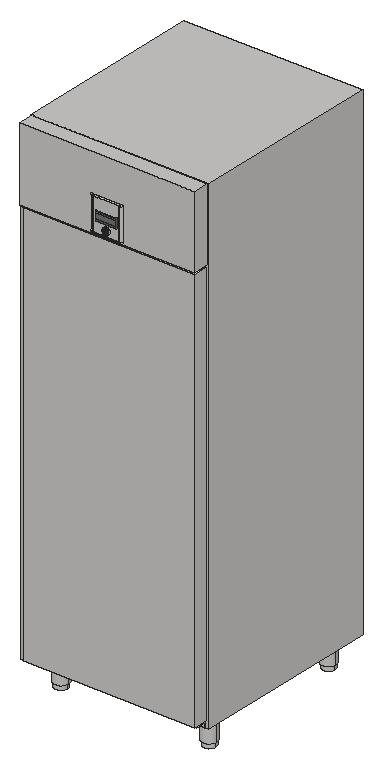
Revit family "QF_ELECTROLUXPROFESSIONAL_725451_REX71FFH4", category Attrezzature speciali, Revit 2018
Family settings
  Quota connettore circolare = Usa diametro
  Tipo di parte = Normale
  Basato su piano di lavoro = No
  Sempre verticale = Sì
  Taglio con vuoti quando caricato = No
  Condiviso = No
  Punto di calcolo locali = No
Parameters (values of type "Standard")
  Weight = 110.00 kg
  Watts = 510 W
  Volts = 220 V
  URL Manufacturer = "https://www.electroluxprofessional.com/"
  URL = "https://www.electroluxprofessional.com/"
  Steam Supply Size = 0 mm
  Steam Supply Minimum Pressure = 0.0 Pa
  Steam Supply Maximum Pressure = 0.0 Pa
  Steam Consumption per Hour = 0
  Refrigeration Suction Line Size = 0 mm
  Refrigeration Liquid Line Size = 0 mm
  Refrigerant Compressor Remote = yes
  Produttore = "Electrolux Professional"
  Phase = 1
  Modello = "REX71FFH4"
  Length Actual = 710 mm  # constant formula
  Item Number = "725451"
  Hot Water Size = 0 mm
  Height Actual = 2050 mm  # constant formula
  HP = "0.7 HP"
  Gas Size = 0 mm
  Gas KW = 0
  Gas Input Pressure = 0 W
  Direct Waste Size = 0 mm
  Descrizione = "1-DOOR FREEZER 670L -22-15°C, DIGITAL WITH LIGHT, A304, 4 GRIDS -R290"
  Depth Actual = 835 mm  # constant formula
  Cycle = 50 Hz
  Condensate Return Size = 0 mm
  Compressed Air Volume = 0.0 L/s
  Compressed Air Size = 0 mm
  Compressed Air Pressure = 0.0 Pa
  Cold Water Size = 0 mm
  Accessory = yes
Reference planes
  plane 1 "Center (Front/Back)": y = 0
  plane 2: z = 0
  plane 3 "Center (Left/Right)": x = 0
  plane 4 "BASE": z = 110
  plane 5 "TOP": z = 2050
  plane 6 "FRONT": y = -417.5
  plane 7 "BACK": y = 417.5
  plane 8 "LEFT": x = -355
  plane 9 "RIGHT": x = 355
Forms (mm)
  Extrusion 1, solid, material "QF_Finishes_Stainless Steel"
    sketch origin (0, 0, 0) x (1, 0, 0) y (0, 1, 0)
      loop
        circle (-278, 344.5) r 25
      loop
        circle (278, 344.5) r 25
      loop
        circle (-295, -269.5) r 25
      loop
        circle (295, -269.5) r 25
    from 0 to 20
  Extrusion 2, solid, material "QF_Finishes_Stainless Steel"
    sketch origin (0, 0, 0) x (1, 0, 0) y (0, 1, 0)
      loop
        circle (-278, 344.5) r 30
      loop
        circle (278, 344.5) r 30
      loop
        circle (295, -269.5) r 30
      loop
        circle (-295, -269.5) r 30
    from 20 to 110
  Extrusion 3, solid, material "QF_Finishes_Stainless Steel"
    sketch origin (0, 0, 110) x (-1, 0, 0) y (0, -1, 0)
      loop
        line (355, -417.5) -> (355, 345.5) -> (-355, 345.5) -> (-355, -417.5) -> (355, -417.5)
    from 0 to 1940
  Extrusion 4, solid
    sketch origin (0, 417.5, 1660) x (-1, 0, 0) y (0, 0, 1)
      loop
        circle (339, 124) r 10
    from 0 to 3.2
  Extrusion 5, solid, material "QF_Door-Drawer Clearances", detail levels coarse
    sketch origin (0, 0, 110) x (-1, 0, 0) y (0, -1, 0)
      loop
        line (-347, 409.5) -> (-283, 409.5) -> (-283, 1006.5) -> (-301, 1006.5) -> (-301, 1024.5) -> (-323, 1024.5) -> (-323, 1062.5) -> (-347, 1062.5) -> (-347, 409.5)
    from 1642.965 to 28
  Extrusion 6, solid, material "QF_Door-Drawer Clearances", detail levels coarse
    sketch origin (0, 0, 110) x (-1, 0, 0) y (0, -1, 0)
      loop
        line (-283, 409.5) -> (347, 409.5)
        arc (347, 409.5) -> (150.684, 878.295) -> (-323, 1062.5) r 650
        line (-323, 1062.5) -> (-323, 1024.5) -> (-301, 1024.5) -> (-301, 1006.5) -> (-283, 1006.5) -> (-283, 409.5)
    from 1642.965 to 28
  Extrusion 7, solid, material "QF_Clearances", detail levels coarse
    sketch origin (0, 0, 110) x (-1, 0, 0) y (0, -1, 0)
      loop
        line (355, 417.5) -> (355, -417.5) -> (-355, -417.5) -> (-355, 417.5) -> (-385, 417.5) -> (-385, -447.5) -> (385, -447.5) -> (385, 417.5) -> (355, 417.5)
    from -110 to 1940
  Extrusion 8, solid, material "QF_Clearances", detail levels coarse
    sketch origin (0, 0, 2050) x (-1, 0, 0) y (0, -1, 0)
      loop
        line (385, -447.5) -> (385, 417.5) -> (-385, 417.5) -> (-385, -447.5) -> (385, -447.5)
    from 0 to 500
  Extrusion 9, void
    sketch origin (0, 417.5, 0) x (-1, 0, 0) y (0, 0, 1)
      loop
        line (280, 1724.965) -> (-280, 1724.965) -> (-280, 180) -> (0, 170) -> (280, 179.676) -> (280, 1724.965)
    from -56 to -763
Cuts and joins
  joined: Extrusion 7, Extrusion 8
  Extrusion 9 cuts Extrusion 3
Lines and regions (mm)
  symbolic lines, style "SpecialityEquipmentHiddenLines"
    curve 1: line (347, -409.5, 110) -> (347, -1062.5, 110)
    curve 2: line (347, -1062.5, 110) -> (323, -1062.5, 110)
    curve 3: line (283, -409.5, 110) -> (283, -1006.5, 110)
    curve 4: line (323, -1062.5, 110) -> (323, -1024.5, 110)
    curve 5: line (323, -1024.5, 110) -> (301, -1024.5, 110)
    curve 6: line (301, -1024.5, 110) -> (301, -1006.5, 110)
    curve 7: line (301, -1006.5, 110) -> (283, -1006.5, 110)
    curve 8: arc (-347, -409.5, 110) -> (-150.684, -878.295, 110) -> (323, -1062.5, 110) r 650
  symbolic lines, style "QF_Clearances", detail levels coarse
    curve 9: line (-355, -417.5, 2050) -> (-385, -417.5, 2050)
    curve 10: line (-385, -417.5, 2050) -> (-385, 447.5, 2050)
    curve 11: line (-385, 447.5, 2050) -> (385, 447.5, 2050)
    curve 12: line (385, 447.5, 2050) -> (385, -417.5, 2050)
    curve 13: line (385, -417.5, 2050) -> (355, -417.5, 2050)
Dimensions and locks
  equal spacing: plane 7 "BACK", plane 1 "Center (Front/Back)", plane 6 "FRONT"
  equal spacing: plane 8 "LEFT", plane 3 "Center (Left/Right)", plane 9 "RIGHT"
  plane 8 "LEFT" to plane 9 "RIGHT" = 710 mm
  plane 7 "BACK" to plane 6 "FRONT" = 835 mm
  plane 5 "TOP" to plane 2 = 2050 mm
  aligned and locked: level to plane 2
Automatic sketch dimensions
  Extrusion 3 sketch curve to plane 7 "BACK" = 0 mm
  Extrusion 3 sketch curve to plane 9 "RIGHT" = 0 mm
  Extrusion 3 sketch curve to plane 8 "LEFT" = 0 mm
  plane 8 "LEFT" to Extrusion 4 sketch curve = 16 mm
  plane 4 "BASE" to Extrusion 4 sketch curve = 1674 mm
  plane 9 "RIGHT" to curve 1 = 8 mm
  curve 1 to curve 2 = 24 mm
  plane 6 "FRONT" to curve 8 = 4.692 mm
  curve 7 to plane 6 "FRONT" = 589 mm
  curve 6 to curve 5 = 18 mm
  curve 4 to curve 2 = 38 mm
  plane 6 "FRONT" to curve 8 = 8 mm
  plane 6 "FRONT" to curve 1 = 8 mm
  plane 6 "FRONT" to curve 3 = 8 mm
  plane 9 "RIGHT" to Extrusion 5 sketch curve = 8 mm
  Extrusion 5 sketch curve to plane 6 "FRONT" = 589 mm
  Extrusion 5 sketch curve to Extrusion 5 sketch curve = 18 mm
  Extrusion 5 sketch curve to Extrusion 5 sketch curve = 38 mm
  plane 6 "FRONT" to Extrusion 5 sketch curve = 8 mm
  plane 6 "FRONT" to Extrusion 6 sketch curve = 4.692 mm
  Extrusion 6 sketch curve to Extrusion 6 sketch curve = 18 mm  (x2)
  Extrusion 6 sketch curve to Extrusion 6 sketch curve = 38 mm
  plane 8 "LEFT" to Extrusion 6 sketch curve = 8 mm
  plane 6 "FRONT" to Extrusion 6 sketch curve = 8 mm
  Extrusion 7 sketch curve to plane 6 "FRONT" = 0 mm  (x2)
  Extrusion 7 sketch curve to plane 7 "BACK" = 0 mm
  Extrusion 7 sketch curve to plane 9 "RIGHT" = 0 mm
  Extrusion 7 sketch curve to plane 8 "LEFT" = 0 mm
  Extrusion 7 sketch curve to plane 9 "RIGHT" = 30 mm
  Extrusion 7 sketch curve to plane 8 "LEFT" = 30 mm
  plane 7 "BACK" to Extrusion 7 sketch curve = 30 mm
  Extrusion 8 sketch curve to plane 6 "FRONT" = 0 mm
  Extrusion 8 sketch curve to plane 9 "RIGHT" = 30 mm
  Extrusion 8 sketch curve to plane 8 "LEFT" = 30 mm
  plane 7 "BACK" to Extrusion 8 sketch curve = 30 mm
  curve 12 to plane 6 "FRONT" = 0 mm
  curve 13 to plane 9 "RIGHT" = 0 mm
  curve 9 to plane 6 "FRONT" = 0 mm
  curve 9 to plane 8 "LEFT" = 0 mm
  curve 11 to plane 9 "RIGHT" = 30 mm
  curve 9 to curve 10 = 30 mm
  plane 7 "BACK" to curve 11 = 30 mm
  plane 8 "LEFT" to Extrusion 1 sketch curve = 60 mm
  plane 8 "LEFT" to Extrusion 1 sketch curve = 77 mm
  plane 9 "RIGHT" to Extrusion 1 sketch curve = 77 mm
  plane 9 "RIGHT" to Extrusion 1 sketch curve = 60 mm
  plane 6 "FRONT" to Extrusion 1 sketch curve = 148 mm  (x2)
  Extrusion 1 sketch curve to plane 7 "BACK" = 73 mm  (x2)
  plane 8 "LEFT" to Extrusion 2 sketch curve = 60 mm
  plane 8 "LEFT" to Extrusion 2 sketch curve = 77 mm
  plane 9 "RIGHT" to Extrusion 2 sketch curve = 77 mm
  plane 9 "RIGHT" to Extrusion 2 sketch curve = 60 mm
  plane 6 "FRONT" to Extrusion 2 sketch curve = 148 mm  (x2)
  Extrusion 2 sketch curve to plane 7 "BACK" = 73 mm  (x2)
  plane 6 "FRONT" to Extrusion 3 sketch curve = 72 mm
  curve 1 to curve 8 = 44.008 mm
  curve 4 to curve 5 = 22 mm
  curve 6 to curve 3 = 18 mm
  plane 9 "RIGHT" to Extrusion 5 sketch curve = 32 mm
  Extrusion 5 sketch curve to Extrusion 5 sketch curve = 22 mm
  Extrusion 5 sketch curve to Extrusion 5 sketch curve = 64 mm
  plane 9 "RIGHT" to Extrusion 6 sketch curve = 72 mm
  Extrusion 6 sketch curve to Extrusion 6 sketch curve = 19.992 mm
  Extrusion 6 sketch curve to Extrusion 6 sketch curve = 22 mm
  Extrusion 9 sketch curve to plane 3 "Center (Left/Right)" = 0 mm
  plane 8 "LEFT" to Extrusion 9 sketch curve = 75 mm
  plane 4 "BASE" to Extrusion 9 sketch curve = 60 mm
  plane 4 "BASE" to Extrusion 9 sketch curve = 69.676 mm
  Extrusion 9 sketch curve to plane 5 "TOP" = 325.035 mm
  plane 9 "RIGHT" to Extrusion 9 sketch curve = 75 mm
  Extrusion 9 sketch curve to Extrusion 9 sketch curve = 0.324 mm
  radius of Extrusion 1 sketch curve = 25 mm  (x4)
  radius of Extrusion 2 sketch curve = 30 mm  (x4)
  radius of Extrusion 4 sketch curve = 10 mm
Nested families
  nested 1: "QF_727993_Door" at (0, -345.5, 968.365) x (1, 0, 0) z (0, -1, 0), type "QF_727993_Door"
    with Show Clearance yes
  nested 2: "Freezer" at (355, -417.5, 2050), type "Freezer"
Connectors
  electrical at (-339, 420.7, 1784), driven by "Volts"
    settings: on Extrusion 4, index 2, voltage 220 V, apparent load 0 VA, apparent load phase1 0 VA, apparent load phase2 0 VA, apparent load phase3 0 VA, power factor 1, load classification "Other", number of poles 1, system type 30, power factor state 1, is connector primary yes, connector utility no, sub classification motor no, connector description "Electrical Connection"
Definition of nested family "QF_727993_Door"
  Parameters
    Show Clearance [instance] = yes
    Model = "727993"
    Default Elevation = 1219.2 mm
  Reference planes
    plane 1 "Center (Front/Back)": y = 0
    plane 2: z = 0
    plane 3 "Center (Left/Right)": x = 0
  Forms (mm)
    Extrusion 1, solid
      sketch origin (0, -919.2, 0) x (1, 0, 0) y (0, 1, 0)
        loop
          line (-460, 2119.2) -> (-460, -162.846) -> (488.967, -162.846) -> (488.967, 2119.2) -> (-460, 2119.2)
      from 0 to -59.546
    Extrusion 2, solid
      sketch origin (0, 0, 0) x (1, 0, 0) y (0, 0, 1)
        loop
          line (-347, 64) -> (-347, 0) -> (347, 0) -> (347, 64) -> (-347, 64)
      from -1081.6 to -791.6
    Extrusion 3, solid
      sketch origin (0, 0, 0) x (1, 0, 0) y (0, 0, 1)
        loop
          line (-347, 60) -> (-347, 26) -> (-325, 26) -> (-325, 8) -> (-307, 8) -> (-307, 0) -> (339, 0) -> (339, 8) -> (347, 8) -> (347, 64) -> (-332, 64) -> (-347, 60)
      from -784.6 to 830.4
    Extrusion 4, solid
      sketch origin (119, -516.365, 0) x (0, 1, 0) y (0, 0, 1)
        loop
          line (-323.003, 40.312) -> (-316.501, 40.312) -> (-316.501, 42.812) -> (-325.503, 42.812) -> (-325.503, 2.5) -> (-342, 2.5) -> (-342, 0) -> (-323.003, 0) -> (-323.003, 12.259) -> (-323.003, 40.312)
        loop
          line (-314, 38.311) -> (-316.501, 38.311) -> (-316.501, 14.304) -> (-319.752, 14.304) -> (-319.752, 11.804) -> (-314, 11.804) -> (-314, 38.311)
      from 185 to 220
    Extrusion 5, solid
      sketch origin (119, 469.597, 0) x (0, 1, 0) y (0, 0, 1)
        loop
          line (315.003, 27.948) -> (315.003, 2.948) -> (315.003, 0) -> (322.003, 0) -> (322.003, 2.5) -> (317.503, 2.5) -> (317.503, 27.948) -> (315.003, 27.948)
      from 185 to 220
  Lines and regions (mm)
    symbolic lines
      curve 1: line (-347, 0, 64) -> (347, 0, 64)
      curve 2: line (-347, 0, 0) -> (-347, 0, 64)
      curve 3: line (347, 0, 0) -> (-347, 0, 0)
      curve 4: line (347, 0, 64) -> (347, 0, 0)
      curve 5: line (-347, 0, 26) -> (-325, 0, 26)
      curve 6: line (-325, 0, 26) -> (-325, 0, 8)
      curve 7: line (-325, 0, 8) -> (-307, 0, 8)
      curve 8: line (-307, 0, 8) -> (-307, 0, 0)
      curve 9: line (339, 0, 8) -> (347, 0, 8)
      curve 10: line (339, 0, 8) -> (339, 0, 0)
  Dimensions and locks
    aligned and locked: plane 2 to Extrusion 1
    aligned and locked: level to Extrusion 1
  Nested families
    nested 1: "QF_DisplayStandardCabinets" at (0, 863.6, 64), type "QF_DisplayStandardCabinets"
      with Show Clearance yes, Default Elevation 0 mm
  Definition of nested family "QF_DisplayStandardCabinets"
    Parameters
      Show Clearance [instance] = yes
      Model = "728658"
      Default Elevation = 1219.2 mm
    Reference planes
      plane 1 "Center (Front/Back)": y = 0
      plane 2: z = 0
      plane 3 "Center (Left/Right)": x = 0
    Forms (mm)
      Extrusion 1, solid
        sketch origin (0, -919.2, 0) x (1, 0, 0) y (0, 1, 0)
          loop
            line (-198.75, 1146.2) -> (-198.75, 709.567) -> (165.741, 709.567) -> (165.741, 1146.2) -> (-198.75, 1146.2)
        from 0 to -59.546
      Extrusion 2, solid
        sketch origin (-59, -44.611, 0) x (0, 1, 0) y (-1, 0, 0)
          loop
            circle (0.611, -59) r 14
        from 5 to 7
      Extrusion 3, solid
        sketch origin (744.635, 320.889, 0) x (0, 1, 0) y (-1, 0, 0)
          loop
            circle (-364.889, 744.635) r 10
          loop
            circle (-364.889, 744.635) r 9
        from 5 to 8
      Extrusion 4, solid
        sketch origin (744.635, 320.889, 0) x (0, 1, 0) y (-1, 0, 0)
          loop
            circle (-364.889, 744.635) r 8.7
        from 5 to 8
      Extrusion 5, void
        sketch origin (744.635, 320.889, 0) x (0, 1, 0) y (-1, 0, 0)
          loop
            line (-372.339, 745.885) -> (-372.339, 743.385) -> (-362.339, 743.385) -> (-362.339, 745.885) -> (-372.339, 745.885)
        from 8.592 to 6.269
      Blend 6, solid
        base sketch origin (365.719, -803.635, 0) x (1, 0, 0) y (0, 1, 0)
          loop
            arc (-424.229, 873.635) -> (-428.653, 871.803) -> (-430.485, 867.38) r 6.255
            line (-430.485, 867.38) -> (-430.485, 739.89)
            arc (-430.485, 739.89) -> (-428.653, 735.467) -> (-424.229, 733.635) r 6.255
            line (-424.229, 733.635) -> (-307.728, 733.635)
            arc (-307.728, 733.635) -> (-303.305, 735.467) -> (-301.473, 739.89) r 6.255
            line (-301.473, 739.89) -> (-301.473, 867.38)
            arc (-301.473, 867.38) -> (-303.305, 871.803) -> (-307.728, 873.635) r 6.255
            line (-307.728, 873.635) -> (-424.229, 873.635)
        top sketch origin (365.719, -803.635, 0) x (1, 0, 0) y (0, 1, 0)
          loop
            line (-418.756, 738.326) -> (-313.201, 738.326) -> (-313.201, 868.943) -> (-418.756, 868.943) -> (-418.756, 738.326)
        from 0 to 4
      Extrusion 7, solid
        sketch origin (744.635, 320.889, 0) x (0, 1, 0) y (-1, 0, 0)
          loop
            line (-372.339, 745.885) -> (-372.339, 743.385) -> (-362.339, 743.385) -> (-362.339, 745.885) -> (-372.339, 745.885)
        from 6 to 8
      Extrusion 8, void
        sketch origin (0, 0, 0) x (1, 0, 0) y (0, 1, 0)
          loop
            line (-53.037, 65.309) -> (-53.037, -65.309) -> (52.518, -65.309) -> (52.518, 65.309) -> (-53.037, 65.309)
        from 5 to 2
      Extrusion 9, solid
        sketch origin (0, 0, 0) x (1, 0, 0) y (0, 1, 0)
          loop
            line (-51.473, 63.745) -> (-51.473, -63.745) -> (50.954, -63.745) -> (50.954, 63.745) -> (-51.473, 63.745)
        from 2.2 to 4
      Extrusion 10, solid
        sketch origin (0, -30, 0) x (0, 1, 0) y (0, 0, 1)
          loop
            line (10.404, 4) -> (17.404, 4) -> (17.404, 8)
            arc (17.404, 8) -> (13.868, 7.749) -> (10.404, 7) r 25
            line (10.404, 7) -> (10.404, 4)
          loop
            arc (47.404, 7) -> (43.939, 7.749) -> (40.404, 8) r 25
            line (40.404, 8) -> (40.404, 4) -> (47.404, 4) -> (47.404, 7)
        from 40 to -40
      Extrusion 11, solid
        sketch origin (0, -30, 0) x (1, 0, 0) y (0, 1, 0)
          loop
            line (-40, 40.404) -> (-40, 17.404) -> (40, 17.404) -> (40, 40.404) -> (-40, 40.404)
        from 8 to 4
    Cuts and joins
      Extrusion 5 cuts Extrusion 4
      Extrusion 8 cuts Blend 6
      joined: Extrusion 10, Extrusion 11
    Lines and regions (mm)
      Split face 1
        outline origin (-41, 10.404, 8) x (-1, 0, 0) y (0, -1, 0)
          loop
            line (-72.157, 0.05) -> (-72.157, 10.5) -> (-78.157, 10.5) -> (-78.157, 0.05) -> (-72.157, 0.05)
      Split face 2
        outline origin (-50, 10.404, 8) x (-1, 0, 0) y (0, -1, 0)
          loop
            line (-72.157, 0.05) -> (-72.157, 10.5) -> (-78.157, 10.5) -> (-78.157, 0.05) -> (-72.157, 0.05)
      Split face 3
        outline origin (-50, 10.404, 8) x (-1, 0, 0) y (0, -1, 0)
          loop
            line (-72.157, 12.45) -> (-72.157, 22.9) -> (-78.157, 22.9) -> (-78.157, 12.45) -> (-72.157, 12.45)
      Split face 4
        outline origin (-50, 10.404, 8) x (-1, 0, 0) y (0, -1, 0)
          loop
            line (-81.157, 12.45) -> (-81.157, 22.9) -> (-87.157, 22.9) -> (-87.157, 12.45) -> (-81.157, 12.45)
      Split face 5
        outline origin (-50, 10.404, 8) x (-1, 0, 0) y (0, -1, 0)
          loop
            line (-13, 0.1) -> (-13, 22.9) -> (-69, 22.9) -> (-69, 0.1) -> (-13, 0.1)
      symbolic lines
        curve 1: line (52.518, 0, 4) -> (-53.037, 0, 4)
        curve 2: line (40, 0, 4) -> (40, 0, 8)
        curve 3: line (40, 0, 8) -> (-40, 0, 8)
        curve 4: line (-40, 0, 8) -> (-40, 0, 4)
        curve 5: line (-64.765, 0, 0) -> (-53.037, 0, 4)
        curve 6: line (52.518, 0, 4) -> (64.135, 0, 0)
    Dimensions and locks
      aligned and locked: plane 2 to Extrusion 1
      aligned and locked: level to Extrusion 1
Definition of nested family "Freezer"
  Reference planes
    plane 1 "Center (Front/Back)": y = 0
    plane 2: z = 0
    plane 3 "Center (Left/Right)": x = 0
  Lines and regions (mm)
    detail lines, in view "Ref. Level"
      curve 1: spline (-500, 190, 0) -> (-493.185, 166.706, 0) -> (-473.205, 145, 0) -> (-441.421, 126.36, 0) -> (-400, 112.058, 0) -> (-351.764, 103.067, 0) -> (-300, 100, 0) -> (-248.236, 103.067, 0) -> (-200, 112.058, 0) -> (-158.579, 126.36, 0) -> (-126.795, 145, 0) -> (-106.815, 166.706, 0) -> (-100, 190, 0) -> (-106.815, 213.294, 0) -> (-126.795, 235, 0) -> (-158.579, 253.64, 0) -> (-200, 267.942, 0) -> (-248.236, 276.933, 0) -> (-300, 280, 0) -> (-351.764, 276.933, 0) -> (-400, 267.942, 0) -> (-441.421, 253.64, 0) -> (-473.205, 235, 0) -> (-493.185, 213.294, 0) -> (-500, 190, 0)
      curve 2: line (-220, 130, 0) -> (-220, 250, 0)
      curve 3: line (-271.962, 220, 0) -> (-168.038, 160, 0)
      curve 4: line (-271.962, 160, 0) -> (-168.038, 220, 0)
      curve 5: line (-200.884, 246.873, 0) -> (-220, 225, 0)
      curve 6: line (-220, 225, 0) -> (-239.116, 246.873, 0)
      curve 7: line (-250.311, 207.5, 0) -> (-260, 235.883, 0)
      curve 8: line (-279.736, 201.7, 0) -> (-250.311, 207.5, 0)
      curve 9: line (-250.311, 172.5, 0) -> (-279.736, 178.3, 0)
      curve 10: line (-260, 144.117, 0) -> (-250.311, 172.5, 0)
      curve 11: line (-220, 155, 0) -> (-239.116, 133.127, 0)
      curve 12: line (-200.884, 133.127, 0) -> (-220, 155, 0)
      curve 13: line (-189.689, 172.5, 0) -> (-180.304, 145.008, 0)
      curve 14: line (-161.188, 178.118, 0) -> (-189.689, 172.5, 0)
      curve 15: line (-189.689, 207.5, 0) -> (-161.188, 201.882, 0)
      curve 16: line (-180.304, 234.992, 0) -> (-189.689, 207.5, 0)
      curve 17: line (-380, 130, 0) -> (-380, 250, 0)
      curve 18: line (-431.962, 220, 0) -> (-328.038, 160, 0)
      curve 19: line (-431.962, 160, 0) -> (-328.038, 220, 0)
      curve 20: line (-360.884, 246.873, 0) -> (-380, 225, 0)
      curve 21: line (-380, 225, 0) -> (-399.116, 246.873, 0)
      curve 22: line (-410.311, 207.5, 0) -> (-419.696, 234.992, 0)
      curve 23: line (-438.812, 201.882, 0) -> (-410.311, 207.5, 0)
      curve 24: line (-410.311, 172.5, 0) -> (-438.812, 178.118, 0)
      curve 25: line (-419.696, 145.008, 0) -> (-410.311, 172.5, 0)
      curve 26: line (-380, 155, 0) -> (-399.116, 133.127, 0)
      curve 27: line (-360.884, 133.127, 0) -> (-380, 155, 0)
      curve 28: line (-349.689, 172.5, 0) -> (-340, 144.117, 0)
      curve 29: line (-320.264, 178.3, 0) -> (-349.689, 172.5, 0)
      curve 30: line (-349.689, 207.5, 0) -> (-320.264, 201.7, 0)
      curve 31: line (-340, 235.883, 0) -> (-349.689, 207.5, 0)
